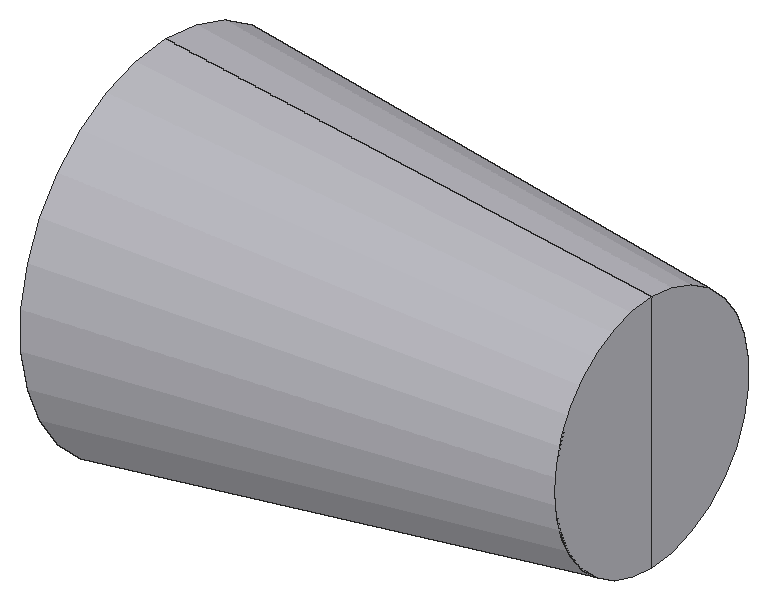
Revit family "31W Buttweld Concentric Reducer-316L", category Pipe Accessories, Revit 2018
Family settings
  Round Connector Dimension = Use Diameter
  Part Type = Normal
  Work Plane-Based = No
  Always vertical = Yes
  Cut with Voids When Loaded = No
  Shared = No
Parameters (values of type "31W Buttweld Concentric Reducer-316L")
  reduced pipe radius [instance] = reduced pipe diameter / 2  # 0.250"
  reduced pipe diameter [instance] = 0.500"
  pipe radius [instance] = Nominal Diameter / 2  # 0.375"
  Weight [instance] = size_lookup(LookupTable, "Weight", "NA", Reduced Code)  # "0.066 lbs."
  URL = "http://www.fnw.com"
  Standards Lookup Table = "Standards"  # constant formula
  Reduced Code [instance] = Nominal 1 Code + reduced pipe diameter  # 100.500"
  Product ID [instance] = size_lookup(LookupTable, "ProductID", "NA", Reduced Code)  # "4830759"
  Part Number [instance] = size_lookup(LookupTable, "PartNumber", "NA", Reduced Code)  # "G31W76FD"
  Nominal Diameter [instance] = 3/4"
  Nominal 1 Code [instance] = if(Nominal Diameter = 0.750", 100.000", if(Nominal Diameter = 1.000", 200.000", if(Nominal Diameter = 1.500", 300.000", if(Nominal Diameter = 2.000", 400.000", if(Nominal Diameter = 2.500", 500.000", if(Nominal Diameter = 3.000", 600.000", if(Nominal Diameter = 4.000", 700.000", if(Nominal Diameter = 6.000", 800.000", 0.000"))))))))  # 100.000"
  LookupTable = "31W Buttweld Concentric Reducer"  # constant formula
  Description BOM [instance] = size_lookup(LookupTable, "Description_BOM", "NA", Reduced Code)  # "3/4X1/2 316L BW CONC RED #7"
  A [instance] = size_lookup(LookupTable, "A", 4.000", Reduced Code)  # 1.000"
Reference planes (in)
  plane 1 "Center (Front/Back)": y = 0
  plane 2: z = 0
  plane 3 "Center (Left/Right)": x = 0
  plane 4: z = 0.375
  plane 5: x = -0.5
  plane 6: x = 0.5
  plane 7: z = 0.25
Forms (in)
  Revolve 1, solid, material "Steel, Stainless"
    sketch origin (0, 0, 0) x (1, 0, 0) y (0, 0, 1)
      loop
        line (0.5, 0) -> (0.5, 0.25) -> (-0.5, 0.375) -> (-0.5, 0) -> (0.5, 0)
      axis (0.5, 0) -> (-0.5, 0)
    angle from 0 to 360
Text (in)
  text "3/4 x 1/2 shown" at (4.29491, 0, -3.03998), in view "Front"
Dimensions and locks (in)
  equal spacing: plane 6, plane 3 "Center (Left/Right)", plane 5
  "A": plane 6 to plane 5
  "pipe radius": plane 4 to plane 2
  "reduced pipe radius": plane 7 to plane 2
  aligned and locked: plane 2 to level
  aligned and locked: Revolve 1 sketch curve to plane 6
  aligned and locked: Revolve 1 sketch curve to plane 5
  aligned and locked: plane 7 to Revolve 1 sketch curve
  aligned and locked: plane 4 to Revolve 1 sketch curve
Automatic sketch dimensions
  Revolve 1 sketch curve to level = 0.000"  (x2)
  Revolve 1 sketch curve to plane 5 = 0.66275"
  Revolve 1 sketch curve to plane 3 "Center (Left/Right)" = 0.4605"
Connectors (in)
  piping at (-0.5, 0, 0), diameter 0.75, driven by "Nominal Diameter"
    settings: on Revolve 1, index 1, connector inside diameter 24", connector length 0.000", flow factor 0, pipe flow 0 GPM, pressure drop 0.00 psi, fitting loss kfactor 0, connector angle 0.00°, fixture units 0, engagement length 0.000", angle of deflection 0.00°, flow configuration 0, flow direction 0, fitting loss method 0, system type 7, joint type 0, gender type 0, connector reference index -1, connector utility 0, adjustable connector no, is connector primary yes, connector description ""
  piping at (0.5, 0, 0), diameter 0.5, driven by "reduced pipe diameter"
    settings: on Revolve 1, index 2, connector inside diameter 24", connector length 0.000", flow factor 0, pipe flow 0 GPM, pressure drop 0.00 psi, fitting loss kfactor 0, connector angle 0.00°, fixture units 0, engagement length 0.000", angle of deflection 0.00°, flow configuration 0, flow direction 0, fitting loss method 0, system type 16, joint type 0, gender type 0, connector reference index -1, connector utility 0, adjustable connector no, is connector primary no, connector description ""
